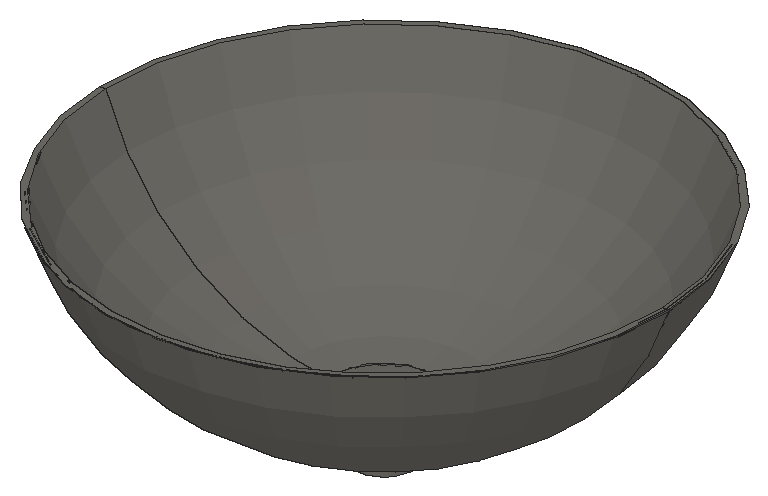
Revit family "Reece_Basin_Alape_Circa_Above Counter Basin_360 mm", category Plumbing Fixtures, host Face, Revit 2018
Family settings
  Host = Face
  Round Connector Dimension = Use Diameter
  Part Type = Normal
  Cut with Voids When Loaded = No
  Shared = Yes
  Room Calculation Point = Yes
Parameters (values of type "Dark Iron")
  WFU = 0  # constant formula
  URL = "https://www.reece.com.au/product/-9508142"
  Type Comments = "Basin"
  Reece_Product_Web Page = "https://www.reece.com.au/product/-9508142"
  Reece_Product_Type = "Basin"  # constant formula
  Reece_Product_Sub Brand = "Circa"  # constant formula
  Reece_Product_Number = "9508142"
  Reece_Product_Mount = "Above Counter"
  Reece_Product_Description = "Alape Circa Above Counter Basin 360mm Dark Iron"
  Reece_Product_Brand = "Alape"  # constant formula
  Reece_Overall_Width = 360 mm  # constant formula
  Reece_Overall_Length = 360 mm  # constant formula
  Reece_Overall_Height = 130 mm  # constant formula
  Reece_Overall_Capacity = 5.00 L  # constant formula
  Reece_Material_Secondary = Reece_Metal_Steel Enamelled_Dark Iron
  Reece_Material-Main = Reece_Metal_Steel Enamelled_Dark Iron
  Reece_Detail_Installation = "Above Counter"  # constant formula
  Reece_Detail_Disclaimer = "THIS FILE IS THE PROPERTY OF THE REECE GROUP. IT MAY NOT BE REPRODUCED, REVERSE-ENGINEERED OR MODIFIED. ANY REPUBLICATION, TRANSMISSION OR DISTRIBUTION FOR THE PURPOSE OF COMMERCIALLY EXPLOITING THE FILES IS PROHIBITED."  # constant formula
  Reece_Detail_Connector = "No Taphole"  # constant formula
  Reece_Detail_Additional = "No Overflow"  # constant formula
  Reece_Basin_Outlet = 40 mm  # constant formula
  Model = "Circa"
  Manufacturer = "Alape"
  Keynote = "Product #9508142, Reece_Basin_Alape_Circa_Above Counter Basin_360 mm - Dark Iron"
  HWFU = 0  # constant formula
  Disclaimer = "THIS FILE IS THE PROPERTY OF THE REECE GROUP. IT MAY NOT BE REPRODUCED, REVERSE-ENGINEERED OR MODIFIED. ANY REPUBLICATION, TRANSMISSION OR DISTRIBUTION FOR THE PURPOSE OF COMMERCIALLY EXPLOITING THE FILES IS PROHIBITED."  # constant formula
  Description = "Alape Circa Above Counter Basin 360mm Dark Iron"
  Default Elevation = 1000 mm
  CWFU = 0  # constant formula
Types (4, lengths in mm): name | URL | Reece_Product_Web Page | Reece_Product_Number | Reece_Product_Description | Reece_Material_Secondary | Reece_Material-Main | Keynote | Description
  Bi-Colour | "https://www.reece.com.au/product/-9508143" | "https://www.reece.com.au/product/-9508143" | "9508143" | "Alape Circa Above Counter Basin 360mm Bi-Colour" | Reece_Metal_Steel Enamelled_Matte Black | Reece_Metal_Steel Enamelled_White | "Product #9508143, Reece_Basin_Alape_Circa_Above Counter Basin_360 mm - Bi-Colour" | "Alape Circa Above Counter Basin 360mm Bi-Colour"
  Dark Iron | "https://www.reece.com.au/product/-9508142" | "https://www.reece.com.au/product/-9508142" | "9508142" | "Alape Circa Above Counter Basin 360mm Dark Iron" | Reece_Metal_Steel Enamelled_Dark Iron | Reece_Metal_Steel Enamelled_Dark Iron | "Product #9508142, Reece_Basin_Alape_Circa_Above Counter Basin_360 mm - Dark Iron" | "Alape Circa Above Counter Basin 360mm Dark Iron"
  White | "https://www.reece.com.au/product/-1805858" | "https://www.reece.com.au/product/-1805858" | "1805858" | "Alape Circa Above Counter Basin 360mm White" | Reece_Metal_Steel Enamelled_White | Reece_Metal_Steel Enamelled_White | "Product #1805858, Reece_Basin_Alape_Circa_Above Counter Basin_360 mm - White" | "Alape Circa Above Counter Basin 360mm White"
  Matte Black | "https://www.reece.com.au/product/-9506244" | "https://www.reece.com.au/product/-9506244" | "9506244" | "Alape Circa Above Counter Basin 360mm Matte Black" | Reece_Metal_Steel Enamelled_Matte Black | Reece_Metal_Steel Enamelled_Matte Black | "Product #9506244, Reece_Basin_Alape_Circa_Above Counter Basin_360 mm - Matte Black" | "Alape Circa Above Counter Basin 360mm Matte Black"
Reference planes
  plane 1 "Center (Front/Back)": y = -79.125
  plane 2 "Bottom": z = 0
  plane 3 "Center (Left/Right)": x = 0
  plane 4 "Top": z = 130
  plane 5: y = 100.875
  plane 6: x = 180
  plane 7: x = -180
  plane 8: y = -259.125
  plane 9: z = 11
Forms (mm)
  Revolve 1, solid, material "Reece_Metal_Steel Enamelled_Dark Iron" <- "Reece_Material_Secondary"
    sketch origin (0, -79.125, 0) x (1, 0, 0) y (0, 0, 1)
      loop
        line (-30, 0) -> (-30, 13.017)
        arc (-30, 13.017) -> (-121.302, 48.79) -> (-177.657, 129.038) r 170
        line (-177.657, 129.038) -> (-179.704, 129.038)
        arc (-179.704, 129.038) -> (-127.078, 49.631) -> (-40, 11) r 170
        line (-40, 11) -> (-40, 0) -> (-30, 0)
      axis (0, 129.038) -> (0, 0)
    angle from 0 to 360
  Revolve 2, solid, material "Reece_Metal_Steel Enamelled_Dark Iron" <- "Reece_Material-Main"
    sketch origin (0, -79.125, 0) x (1, 0, 0) y (0, 0, 1)
      loop
        arc (-177.657, 129.038) -> (-121.302, 48.79) -> (-30, 13.017) r 170
        line (-30, 13.017) -> (-30, 0) -> (-21.506, 0) -> (-21.506, 11.16)
        arc (-21.506, 11.16) -> (-22.334, 13.229) -> (-24.362, 14.156) r 3
        arc (-24.362, 14.156) -> (-118.393, 48.435) -> (-176.394, 130) r 168.5
        line (-176.394, 130) -> (-180, 130) -> (-179.704, 129.038) -> (-177.657, 129.038)
      axis (0, 130) -> (0, 0)
    angle from 0 to 360
  Extrusion 3, void
    sketch origin (0, 0, 0) x (1, 0, 0) y (0, 1, 0)
      loop
        circle (0, -79.125) r 22.5
    from -57.378 to 33.548
  Revolve 4, solid, material "Reece_Metal_Steel Enamelled_Dark Iron" <- "Reece_Material-Main"
    sketch origin (0, -79.125, 20.688) x (1, 0, 0) y (0, 0, 1)
      loop
        line (0, -37.152) -> (0, -0.315)
        arc (0, -0.315) -> (-17.262, -1.109) -> (-34.312, -3.915) r 147.631
        arc (-34.312, -3.915) -> (-34.807, -4.224) -> (-35, -4.775) r 0.881
        line (-35, -4.775) -> (-35, -5.581) -> (-20, -5.581) -> (-20, -37.152) -> (0, -37.152)
      axis (0, -37.152) -> (0, -0.315)
    angle from 0 to 360
  Extrusion 5, void
    sketch origin (0, 0, 0) x (1, 0, 0) y (0, 1, 0)
      loop
        circle (0, -79.125) r 22.5
    from -111.439 to 28.7
Text (mm)
  text "Reece Copyright © 2018, Reece Ltd." at (-902.343, -740.328, 0), in view "Ref. Level"
  text "Reece ©" at (44.384, 258.95, 192.345), in view "Reece Preview"
Dimensions and locks
  equal spacing: plane 7, plane 3 "Center (Left/Right)", plane 6
  "Reece_Overall_Width": plane 7 to plane 6
  "Reece_Overall_Length": plane 5 to plane 8  (x2)
  equal spacing: plane 5, plane 1 "Center (Front/Back)", plane 8
  "Reece_Overall_Height": plane 4 "Top" to host face
  plane 4 "Top" to plane 9 = 119 mm
  "Reece_Overall_Width": plane 7 to Revolve 2
  "Reece_Overall_Height": level to Revolve 2
  Revolve 1 to Revolve 1 = 80 mm
  aligned and locked: host face to plane 2 "Bottom"
  aligned and locked: level to host face
Automatic sketch dimensions
  host sketch curve to host sketch curve = 801.051 mm
  host sketch curve to host sketch curve = 660.299 mm
  Revolve 1 sketch curve to plane 9 = 0 mm
  Revolve 1 sketch curve to level = 0 mm  (x2)
  Revolve 1 sketch curve to plane 3 "Center (Left/Right)" = 0 mm
  Revolve 1 sketch curve to plane 4 "Top" = 0 mm
  Revolve 1 sketch curve to plane 3 "Center (Left/Right)" = 16.269 mm
  Revolve 1 sketch curve to Revolve 1 sketch curve = 1.093 mm
  Revolve 1 sketch curve to plane 3 "Center (Left/Right)" = 30 mm
  Revolve 1 sketch curve to Revolve 1 sketch curve = 10 mm
  Revolve 1 sketch curve to plane 4 "Top" = 0.962 mm
  Revolve 1 sketch curve to plane 7 = 2.343 mm
  Revolve 1 sketch curve to plane 7 = 0.296 mm
  plane 9 to Revolve 1 sketch curve = 2.017 mm
  plane 1 "Center (Front/Back)" to Extrusion 3 sketch curve = 0 mm
  Extrusion 3 sketch curve to plane 3 "Center (Left/Right)" = 0 mm
  Revolve 2 sketch curve to Revolve 2 sketch curve = 0 mm  (x2)
  Revolve 2 sketch curve to plane 4 "Top" = 0 mm
  plane 7 to Revolve 2 sketch curve = 0 mm
  Revolve 2 sketch curve to level = 0 mm  (x2)
  Revolve 2 sketch curve to plane 3 "Center (Left/Right)" = 0 mm
  Revolve 2 sketch curve to plane 7 = 0.296 mm
  Revolve 2 sketch curve to plane 4 "Top" = 0.962 mm
  Revolve 2 sketch curve to Revolve 2 sketch curve = 2.047 mm
  Revolve 2 sketch curve to Revolve 2 sketch curve = 1.263 mm
  Revolve 2 sketch curve to plane 3 "Center (Left/Right)" = 30 mm
  plane 9 to Revolve 2 sketch curve = 0.16 mm
  Revolve 2 sketch curve to Revolve 2 sketch curve = 5.494 mm
  Revolve 2 sketch curve to Revolve 2 sketch curve = 3 mm
  Revolve 2 sketch curve to plane 3 "Center (Left/Right)" = 16.269 mm
  plane 9 to Revolve 2 sketch curve = 2.017 mm
  plane 9 to Revolve 2 sketch curve = 10.397 mm
  plane 1 "Center (Front/Back)" to Extrusion 5 sketch curve = 0 mm
  Extrusion 5 sketch curve to plane 3 "Center (Left/Right)" = 0 mm
  Revolve 4 sketch curve to plane 3 "Center (Left/Right)" = 0 mm  (x2)
  Revolve 4 sketch curve to plane 3 "Center (Left/Right)" = 1.858 mm
  plane 9 to Revolve 4 sketch curve = 4.106 mm
  Revolve 4 sketch curve to plane 3 "Center (Left/Right)" = 20 mm
  plane 9 to Revolve 4 sketch curve = 4.913 mm
  Revolve 4 sketch curve to Revolve 4 sketch curve = 14.119 mm
  Revolve 4 sketch curve to Revolve 4 sketch curve = 0.881 mm
  Revolve 4 sketch curve to level = 16.465 mm
  Revolve 4 sketch curve to Revolve 4 sketch curve = 110.783 mm
  plane 9 to Revolve 4 sketch curve = 9.372 mm
  level to Revolve 4 sketch curve = 3.235 mm
  Revolve 4 sketch curve to Revolve 4 sketch curve = 2.138 mm
  radius of Extrusion 3 sketch curve = 22.5 mm
  radius of Extrusion 5 sketch curve = 22.5 mm
Connectors
  piping at (0, -79.125, -16.465), diameter 40, driven by "Reece_Basin_Outlet"
    settings: on Revolve 4, index 1, connector inside diameter 609.6 mm, connector length 0 mm, flow factor 0, pipe flow 0.0 L/s, pressure drop 0.0 Pa, fitting loss kfactor 0, connector angle 0.00°, fixture units 0, engagement length 0 mm, angle of deflection 0.00°, flow configuration 0, flow direction 2, fitting loss method 0, system type 16, joint type 0, gender type 0, connector reference index -1, connector utility 0, adjustable connector no, is connector primary yes, connector description ""
